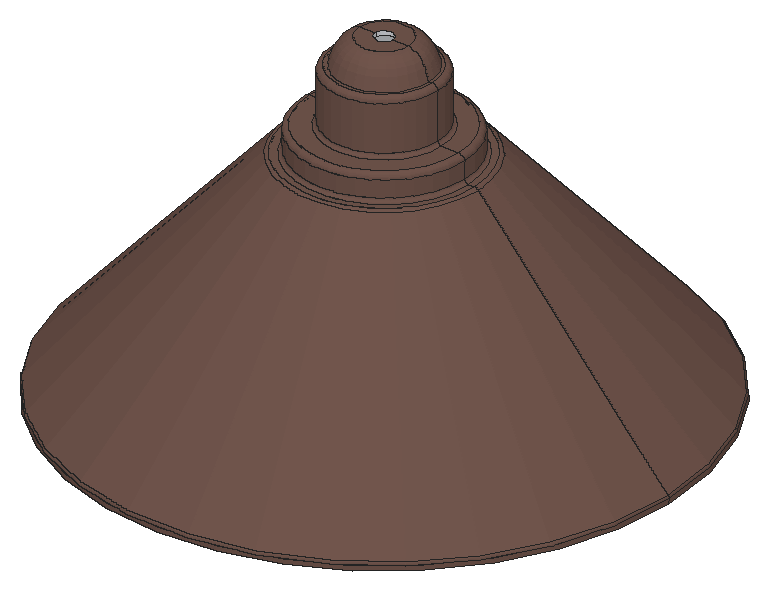
Revit family "PH16 SHADE", category Lighting Fixtures, Revit 2024
Family settings
  Round Connector Dimension = Use Diameter
  Part Type = Normal
  OmniClass Number = 23.80.70.00
  OmniClass Title = Lighting
  Work Plane-Based = No
  Always vertical = Yes
  Cut with Voids When Loaded = No
  Light Source = Yes
  Maintain Annotation Orientation = No
  Shared = No
  Room Calculation Point = No
Parameters
  Wattage = 12.1178 W
  built-in parameter 1150110 = 1 (stored number, unit not read)
  built-in parameter 1114217 = 1 (stored number, unit not read)
  built-in parameter 1150109 = 1 (stored number, unit not read)
  built-in parameter 1150134 = (empty or 0)
  built-in parameter 1150113 = 1 (stored number, unit not read)
  Lumens = 1800 lm
  built-in parameter 1150115 = 1 (stored number, unit not read)
  built-in parameter 1150105 = 572.96 (stored number, unit not read)
  Light Source Symbol Size = 2' - 0"
  built-in parameter 1150137 = (empty or 0)
  built-in parameter 1150139 = (empty or 0)
  built-in parameter 1150112 = 1 (stored number, unit not read)
  built-in parameter 1150114 = 1 (stored number, unit not read)
  built-in parameter 1150132 = 2
  built-in parameter 1150102 = (empty or 0)
  built-in parameter 1150138 = (empty or 0)
  built-in parameter 1150107 = 3000 (stored number, unit not read)
  built-in parameter 1150106 = 5.7296 (stored number, unit not read)
  built-in parameter 1150104 = 13.8 (stored number, unit not read)
  Dimming Lamp Color Temperature Shift = (empty or 0)
  Default Elevation = 0' - 0"
  Color Filter = 16777215
  built-in parameter 1114218 = 1 (stored number, unit not read)
  built-in parameter 1150133 = 10 (stored number, unit not read)
Reference planes (in)
  plane 1 "Light Source Axis (F/B)": y = 0
  plane 2: z = 0
  plane 3 "Light Source Axis (L/R)": x = 0
  plane 4 "Light Source Elevation": z = 84
Forms (in)
  Revolve 1, solid
    sketch origin (0, 0, 0) x (1, 0, 0) y (0, 0, 1)
      loop
        line (-8, 84) -> (-7.90625, 84) -> (-7.90625, 84.13715) -> (-2.57471, 89.95969)
        arc (-2.57471, 89.95969) -> (-2.56036, 89.96972) -> (-2.54311, 89.9727) r 0.0402
        line (-2.54311, 89.9727) -> (-2.35, 89.9727)
        arc (-2.35, 89.9727) -> (-2.213, 90.02945) -> (-2.15625, 90.16645) r 0.19375
        line (-2.15625, 90.16645) -> (-2.15625, 90.61645)
        arc (-2.15625, 90.61645) -> (-2.13977, 90.65622) -> (-2.1, 90.6727) r 0.05625
        line (-2.1, 90.6727) -> (-1.6, 90.6727)
        arc (-1.6, 90.6727) -> (-1.463, 90.72945) -> (-1.40625, 90.86645) r 0.19375
        line (-1.40625, 90.86645) -> (-1.40625, 92.11645)
        arc (-1.40625, 92.11645) -> (-1.38977, 92.15622) -> (-1.35, 92.1727) r 0.05625
        line (-1.35, 92.1727) -> (-1.1816, 92.1727)
        spline (-1.1816, 92.1727) -> (-1.12597, 92.34179) -> (-1.08059, 92.46576) -> (-1.04312, 92.55353) -> (-1.01131, 92.61451) -> (-0.9813, 92.66059) -> (-0.94999, 92.70073) -> (-0.91695, 92.73652) -> (-0.88035, 92.76981) -> (-0.83963, 92.80116) -> (-0.79552, 92.82894) -> (-0.74126, 92.85331) -> (-0.66737, 92.87404)
        line (-0.66737, 92.87404) -> (-0.25, 92.87404) -> (-0.25, 92.96779) -> (-0.68536, 92.96779)
        spline (-0.68536, 92.96779) -> (-0.7699, 92.94415) -> (-0.83562, 92.91514) -> (-0.88861, 92.88245) -> (-0.93462, 92.8476) -> (-0.97622, 92.81057) -> (-1.0143, 92.77047) -> (-1.04972, 92.72644) -> (-1.08352, 92.67674) -> (-1.11787, 92.61456) -> (-1.15535, 92.53124) -> (-1.19853, 92.41809) -> (-1.25, 92.26645)
        line (-1.25, 92.26645) -> (-1.35, 92.26645)
        arc (-1.35, 92.26645) -> (-1.45607, 92.22251) -> (-1.5, 92.11645) r 0.15
        line (-1.5, 92.11645) -> (-1.5, 90.86645)
        arc (-1.5, 90.86645) -> (-1.52929, 90.79574) -> (-1.6, 90.76645) r 0.1
        line (-1.6, 90.76645) -> (-2.1, 90.76645)
        arc (-2.1, 90.76645) -> (-2.20607, 90.72251) -> (-2.25, 90.61645) r 0.15
        line (-2.25, 90.61645) -> (-2.25, 90.16645)
        arc (-2.25, 90.16645) -> (-2.27929, 90.09574) -> (-2.35, 90.06645) r 0.1
        line (-2.35, 90.06645) -> (-2.54151, 90.06645)
        arc (-2.54151, 90.06645) -> (-2.5974, 90.05585) -> (-2.64385, 90.02301) r 0.13395
        line (-2.64385, 90.02301) -> (-7.96719, 84.20942)
        arc (-7.96719, 84.20942) -> (-7.99151, 84.17028) -> (-8, 84.125) r 0.125
        line (-8, 84.125) -> (-8, 84)
      axis (0, 92.96779) -> (0, 84)
    angle from 0 to 360
Dimensions and locks (in)
  aligned and locked: plane 3 "Light Source Axis (L/R)" to imposter light
  aligned and locked: plane 1 "Light Source Axis (F/B)" to imposter light
  aligned and locked: plane 4 "Light Source Elevation" to imposter light
  aligned and locked: level to plane 2
